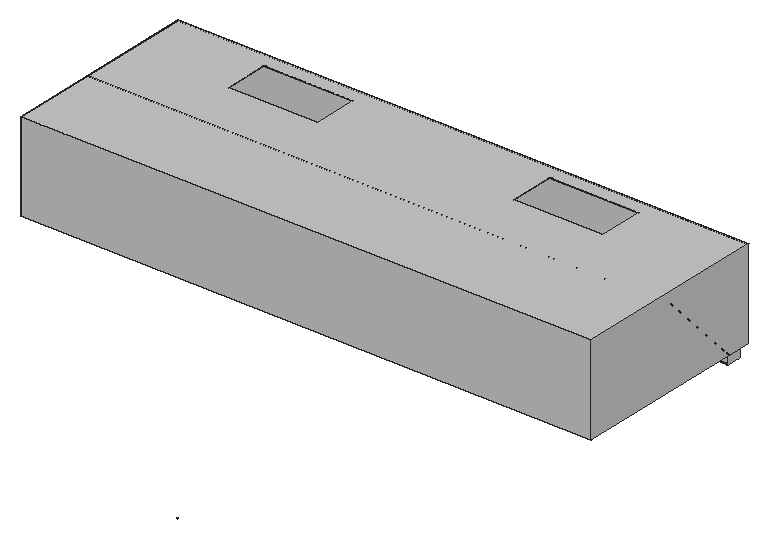
Revit family "QF_ELECTROLUXPROFESSIONAL_642020_EP1132T", category Attrezzature speciali, Revit 2021
Family settings
  Quota connettore circolare = Usa diametro
  Tipo di parte = Normale
  Basato su piano di lavoro = No
  Sempre verticale = Sì
  Taglio con vuoti quando caricato = No
  Condiviso = No
  Punto di calcolo locali = No
Parameters (values of type "Standard")
  Weight = 77.00 kg
  Watts = 0 W
  Volts = 0 V
  URL Manufacturer = "https://www.electroluxprofessional.com/"
  URL = "https://www.electroluxprofessional.com/"
  Steam Supply Size = 0 mm
  Steam Supply Minimum Pressure = 0.0 Pa
  Steam Supply Maximum Pressure = 0.0 Pa
  Steam Consumption per Hour = 0
  Refrigeration Suction Line Size = 0 mm
  Refrigeration Liquid Line Size = 0 mm
  Refrigerant Compressor Remote = yes
  Prospetto di default = 0 mm
  Produttore = "Electrolux Professional"
  Phase = 0
  Modello = "EP1132T"
  Length Actual = 3200 mm  # constant formula
  Item Number = "642020"
  Hot Water Size = 0 mm
  Height Actual = 500 mm  # constant formula
  HP = "0 HP"
  Gas Size = 0 mm
  Gas KW = 0
  Gas Input Pressure = 0 W
  Direct Waste Size = 0 mm
  Descrizione = "304 S/S WALL HOOD+FILTERS 3200X1100MM"
  Depth Actual = 1100 mm  # constant formula
  Cycle = 0 Hz
  Condensate Return Size = 0 mm
  Compressed Air Volume = 0.0 L/s
  Compressed Air Size = 0 mm
  Compressed Air Pressure = 0.0 Pa
  Cold Water Size = 0 mm
  Accessory = yes
Reference planes
  plane 1 "Center (Front/Back)": y = 0
  plane 2: z = 0
  plane 3 "Center (Left/Right)": x = 150
  plane 4 "LEFT": x = -1450
  plane 5 "RIGHT": x = 1750
  plane 6 "BACK": y = 550
  plane 7 "FRONT": y = -550
  plane 8 "TOP": z = 2500
  plane 9 "Base": z = 2000
  plane 10: z = 1926
  plane 11 "DrainY": y = 485
  plane 12: x = -1447
  plane 13: through (0, 414.509, 2000.8) normal (0, 0.7314, 0.682)
  plane 14: y = 470
  plane 15: y = 220
  plane 16 "DrainX": x = 1630
  plane 17: x = -400
  plane 18: x = 700
  plane 19: x = -900
  plane 20: x = 1200
  plane 21: x = 1747
  plane 22: x = 1540
  plane 23: x = 1720
  plane 24: x = -1410
  plane 25: x = -1045
  plane 26: x = -650
  plane 27: x = 1710
  plane 28: x = 1345
  plane 29: x = 950
Forms (mm)
  Extrusion 1, solid, material "QF_Finishes_Stainless Steel"
    sketch origin (-1450, 0, 360) x (0, 1, 0) y (0, 0, 1)
      loop
        line (550, 1640) -> (550, 2140) -> (-550, 2140) -> (-550, 1640) -> (550, 1640)
    from 0 to 3
  Extrusion 2, solid, material "QF_Finishes_Stainless Steel"
    sketch origin (150, 0, 360) x (0, 1, 0) y (0, 0, 1)
      loop
        line (415.255, 1640) -> (550, 1640) -> (550, 2139.19) -> (549.2, 2139.19) -> (549.2, 1640.8) -> (415.876, 1640.8) -> (339.347, 1722.867) -> (349.609, 1732.436) -> (348.927, 1733.167) -> (337.934, 1722.917) -> (415.255, 1640)
      loop
        line (-82.203, 2139.19) -> (-82.203, 2118.6) -> (-31.047, 2118.6) -> (34.354, 2048.466) -> (46.028, 2059.352) -> (45.346, 2060.083) -> (34.403, 2049.879) -> (-30.612, 2119.6) -> (-81.203, 2119.6) -> (-81.203, 2139.19) -> (-82.203, 2139.19)
    from -1597 to 1597
  Extrusion 3, solid, material "QF_Finishes_Stainless Steel"
    sketch origin (1750, 0, 360) x (0, 1, 0) y (0, 0, 1)
      loop
        line (550, 1640) -> (550, 2140) -> (-550, 2140) -> (-550, 1640) -> (550, 1640)
    from 0 to -3
  Extrusion 4, solid, material "QF_Finishes_Stainless Steel"
    sketch origin (150, 0, 360) x (0, 1, 0) y (0, 0, 1)
      loop
        line (-550, 2140) -> (-550, 1640) -> (-549.2, 1640) -> (-549.2, 2139.19) -> (550, 2139.19) -> (550, 2140) -> (-550, 2140)
    from -1600 to 1600
  Extrusion 5, solid, material "QF_Finishes_Stainless Steel"
    sketch origin (150, 0, 360) x (0, 1, 0) y (0, 0, 1)
      loop
        line (534, 1640) -> (436, 1640) -> (436, 1627) -> (443.5, 1627) -> (443.5, 1576)
        arc (443.5, 1576) -> (446.429, 1568.929) -> (453.5, 1566) r 10
        line (453.5, 1566) -> (516.5, 1566)
        arc (516.5, 1566) -> (523.571, 1568.929) -> (526.5, 1576) r 10
        line (526.5, 1576) -> (526.5, 1627) -> (534, 1627) -> (534, 1640)
    from 1390 to 1570
  Extrusion 6, solid, material "QF_Finishes_Stainless Steel"
    sketch origin (0, 0, 2000) x (0, 1, 0) y (-1, 0, 0)
      loop
        circle (485, -1630) r 20
    from -76 to -74
  Extrusion 7, solid, material "QF_Finished_Chrome"
    sketch origin (150, 0, 360) x (0, 1, 0) y (0, 0, 1)
      loop
        line (337.934, 1722.917) -> (341.591, 1726.327) -> (38.011, 2051.876) -> (34.354, 2048.466) -> (337.934, 1722.917)
    from -1195 to -1560
  Extrusion 8, solid, material "QF_Finished_Chrome"
    sketch origin (150, 0, 360) x (0, 1, 0) y (0, 0, 1)
      loop
        line (337.934, 1722.917) -> (341.591, 1726.327) -> (38.011, 2051.876) -> (34.354, 2048.466) -> (337.934, 1722.917)
    from 800 to -800
  Extrusion 9, solid, material "QF_Finishes_Stainless Steel"
    sketch origin (150, 0, 360) x (0, 1, 0) y (0, 0, 1)
      loop
        line (337.934, 1722.917) -> (341.591, 1726.327) -> (38.011, 2051.876) -> (34.354, 2048.466) -> (337.934, 1722.917)
    from 1597 to 1560
  Extrusion 10, solid, material "QF_Finishes_Stainless Steel"
    sketch origin (150, 0, 360) x (0, 1, 0) y (0, 0, 1)
      loop
        line (341.588, 1726.324) -> (38.009, 2051.874) -> (34.354, 2048.466) -> (337.934, 1722.917) -> (341.588, 1726.324)
    from -1195 to -800
  Extrusion 11, solid, material "QF_Finished_Chrome"
    sketch origin (150, 0, 360) x (0, 1, 0) y (0, 0, 1)
      loop
        line (341.588, 1726.324) -> (38.009, 2051.874) -> (34.354, 2048.466) -> (337.934, 1722.917) -> (341.588, 1726.324)
    from 1195 to 1560
  Extrusion 12, void
    sketch origin (0, 0, 2500) x (0, 1, 0) y (-1, 0, 0)
      loop
        line (470, 900) -> (220, 900) -> (220, 400) -> (470, 400) -> (470, 900)
    from 0 to -10
  Extrusion 13, void
    sketch origin (940, 0, 2500) x (0, 1, 0) y (-1, 0, 0)
      loop
        line (470, 240) -> (220, 240) -> (220, -260) -> (470, -260) -> (470, 240)
    from 0 to -10
  Extrusion 14, solid, material "QF_Finishes_Stainless Steel"
    sketch origin (0, 0, 0) x (1, 0, 0) y (0, 1, 0)
      loop
        line (-1450, 550) -> (-1450, 549) -> (-1449, 549) -> (-1449, 550) -> (-1450, 550)
    from 0 to 1
  Extrusion 15, solid, material "QF_Finishes_Stainless Steel"
    sketch origin (150, 0, 360) x (0, 1, 0) y (0, 0, 1)
      loop
        line (337.934, 1722.917) -> (341.591, 1726.327) -> (38.011, 2051.876) -> (34.354, 2048.466) -> (337.934, 1722.917)
    from -1560 to -1597
  Extrusion 16, solid, material "QF_Finishes_Stainless Steel"
    sketch origin (150, 0, 360) x (0, 1, 0) y (0, 0, -1)
      loop
        line (341.588, -1726.324) -> (337.934, -1722.917) -> (34.354, -2048.466) -> (38.009, -2051.874) -> (341.588, -1726.324)
    from -1195 to -800
Cuts and joins
  Extrusion 12, Extrusion 13 cuts Extrusion 4
  joined: Extrusion 2, Extrusion 4
Lines and regions (mm)
  reference lines
    curve 1: line (150, 34.354, 2408.466) -> (150, 34.354, 2248.466)
  symbolic lines, style "SpecialityEquipment", detail levels coarse
    curve 2: line (1750, 550, 2500) -> (-1450, 550, 2500)
    curve 3: line (-1450, 550, 2500) -> (-1450, -550, 2500)
    curve 4: line (1750, -550, 2500) -> (1750, 550, 2500)
    curve 5: line (-1450, -550, 2500) -> (1750, -550, 2500)
    curve 6: line (-900, 220, 2500) -> (-400, 220, 2500)
    curve 7: line (-900, 470, 2500) -> (-900, 220, 2500)
    curve 8: line (-400, 470, 2500) -> (-900, 470, 2500)
    curve 9: line (-400, 220, 2500) -> (-400, 470, 2500)
    curve 10: line (700, 470, 2500) -> (700, 220, 2500)
    curve 11: line (700, 220, 2500) -> (1200, 220, 2500)
    curve 12: line (1200, 470, 2500) -> (700, 470, 2500)
    curve 13: line (1200, 220, 2500) -> (1200, 470, 2500)
    curve 14: line (-1450, -550, 0) -> (1750, 550, 0)
    curve 15: line (-1450, 550, 0) -> (1750, -550, 0)
Dimensions and locks
  plane 4 "LEFT" to plane 5 "RIGHT" = 3200 mm
  equal spacing: plane 4 "LEFT", plane 3 "Center (Left/Right)", plane 5 "RIGHT"
  plane 9 "Base" to plane 10 = 74 mm
  plane 6 "BACK" to plane 11 "DrainY" = 65 mm  (x2)
  plane 4 "LEFT" to plane 12 = 3 mm
  plane 6 "BACK" to plane 14 = 80 mm
  plane 14 to plane 15 = 250 mm  (x2)
  plane 16 "DrainX" to plane 5 "RIGHT" = 120 mm
  locked: plane 17 to plane 18 at 1100
  equal spacing: plane 17, plane 3 "Center (Left/Right)", plane 18
  plane 19 to plane 17 = 500 mm
  plane 18 to plane 20 = 500 mm
  plane 21 to plane 5 "RIGHT" = 3 mm
  locked: plane 22 to plane 16 "DrainX" at 90
  locked: plane 16 "DrainX" to plane 23 at 90
  plane 6 "BACK" to plane 7 "FRONT" = 1100 mm  (x2)
  equal spacing: plane 6 "BACK", plane 1 "Center (Front/Back)", plane 7 "FRONT"
  plane 15 to plane 7 "FRONT" = 770 mm
  plane 14 to plane 6 "BACK" = 80 mm
  locked: plane 4 "LEFT" to plane 24 at 40
  locked: plane 24 to plane 25 at 365
  locked: plane 25 to plane 26 at 395
  locked: plane 27 to plane 28 at 365
  locked: plane 28 to plane 29 at 395
  locked: plane 27 to plane 5 "RIGHT" at 40
  plane 26 to plane 29 = 1600 mm
  locked: plane 9 "Base" to level at 2000
  locked: plane 8 "TOP" to plane 9 "Base" at 500
  aligned and locked: level to plane 2
  aligned and locked: Extrusion 2 to Extrusion 1
  aligned and locked: Extrusion 2 to Extrusion 3
  aligned and locked: plane 5 "RIGHT" to Extrusion 4
  aligned and locked: Extrusion 4 to plane 4 "LEFT"
  aligned and locked: plane 21 to Extrusion 9
  aligned and locked: plane 19 to Extrusion 12
  aligned and locked: Extrusion 12 to plane 17
  aligned and locked: Extrusion 12 to plane 15
  aligned and locked: Extrusion 12 to plane 14
  aligned and locked: Extrusion 13 to plane 20
  aligned and locked: plane 18 to Extrusion 13
  aligned and locked: Extrusion 2 to Extrusion 4
  aligned and locked: plane 23 to Extrusion 5
  aligned and locked: Extrusion 5 to plane 22
  aligned and locked: Extrusion 9 to plane 27
  aligned and locked: Extrusion 11 to plane 27
  aligned and locked: Extrusion 11 to plane 28
  aligned and locked: Extrusion 8 to plane 29
  aligned and locked: Extrusion 8 to plane 26
  aligned and locked: plane 26 to Extrusion 10
  aligned and locked: Extrusion 10 to plane 25
  aligned and locked: plane 25 to Extrusion 7
  aligned and locked: Extrusion 7 to plane 24
  aligned and locked: Extrusion 15 to plane 12
  aligned and locked: plane 24 to Extrusion 15
  aligned and locked: Extrusion 16 to plane 29
  aligned and locked: Extrusion 16 to plane 28
  aligned and locked: Extrusion 3 to plane 21
Automatic sketch dimensions
  curve 5 to plane 4 "LEFT" = 0 mm
  curve 5 to plane 7 "FRONT" = 0 mm
  curve 9 to plane 15 = 0 mm
  curve 10 to plane 15 = 0 mm
  plane 14 to curve 8 = 0 mm
  plane 14 to curve 12 = 0 mm
  curve 3 to plane 6 "BACK" = 0 mm
  curve 5 to plane 5 "RIGHT" = 0 mm
  curve 11 to plane 20 = 0 mm
  curve 10 to plane 18 = 0 mm
  curve 6 to plane 17 = 0 mm
  curve 6 to plane 19 = 0 mm
  Extrusion 1 sketch curve to plane 9 "Base" = 0 mm
  Extrusion 1 sketch curve to plane 6 "BACK" = 0 mm
  Extrusion 1 sketch curve to plane 8 "TOP" = 0 mm
  Extrusion 2 sketch curve to plane 13 = 0 mm  (x3)
  Extrusion 2 sketch curve to plane 9 "Base" = 0 mm
  plane 13 to Extrusion 2 sketch curve = 0 mm
  Extrusion 2 sketch curve to plane 6 "BACK" = 0 mm
  Extrusion 2 sketch curve to Extrusion 2 sketch curve = 65.646 mm
  Extrusion 2 sketch curve to Extrusion 2 sketch curve = 0.682 mm  (x2)
  Extrusion 2 sketch curve to Extrusion 2 sketch curve = 10.261 mm
  plane 9 "Base" to Extrusion 2 sketch curve = 82.917 mm
  Extrusion 2 sketch curve to plane 1 "Center (Front/Back)" = 46.028 mm
  Extrusion 2 sketch curve to Extrusion 2 sketch curve = 10.942 mm
  Extrusion 2 sketch curve to Extrusion 2 sketch curve = 0.049 mm
  Extrusion 2 sketch curve to plane 8 "TOP" = 20.4 mm
  Extrusion 2 sketch curve to plane 8 "TOP" = 21.4 mm
  Extrusion 2 sketch curve to plane 8 "TOP" = 0.81 mm  (x2)
  Extrusion 2 sketch curve to Extrusion 2 sketch curve = 50.156 mm
  Extrusion 2 sketch curve to Extrusion 2 sketch curve = 1 mm
  plane 9 "Base" to Extrusion 2 sketch curve = 0.8 mm
  Extrusion 2 sketch curve to plane 6 "BACK" = 0.8 mm
  Extrusion 3 sketch curve to plane 9 "Base" = 0 mm
  Extrusion 3 sketch curve to plane 6 "BACK" = 0 mm
  Extrusion 3 sketch curve to plane 8 "TOP" = 0 mm
  Extrusion 4 sketch curve to plane 7 "FRONT" = 0 mm
  Extrusion 4 sketch curve to plane 6 "BACK" = 0 mm
  Extrusion 4 sketch curve to plane 8 "TOP" = 0 mm
  plane 7 "FRONT" to Extrusion 4 sketch curve = 0.8 mm
  Extrusion 4 sketch curve to plane 8 "TOP" = 0.81 mm
  curve 1 to plane 13 = 0 mm
  curve 1 to plane 1 "Center (Front/Back)" = 34.354 mm
  Extrusion 5 sketch curve to plane 9 "Base" = 0 mm
  Extrusion 5 sketch curve to plane 10 = 0 mm
  Extrusion 5 sketch curve to plane 9 "Base" = 13 mm  (x2)
  plane 14 to Extrusion 5 sketch curve = 34 mm
  Extrusion 5 sketch curve to Extrusion 5 sketch curve = 7.5 mm  (x2)
  Extrusion 5 sketch curve to Extrusion 5 sketch curve = 10 mm
  plane 11 "DrainY" to Extrusion 5 sketch curve = 31.5 mm
  Extrusion 5 sketch curve to plane 6 "BACK" = 23.5 mm
  Extrusion 6 sketch curve to plane 11 "DrainY" = 0 mm
  Extrusion 6 sketch curve to plane 16 "DrainX" = 0 mm
  Extrusion 7 sketch curve to plane 13 = 0 mm  (x2)
  Extrusion 7 sketch curve to plane 1 "Center (Front/Back)" = 34.354 mm
  Extrusion 7 sketch curve to Extrusion 7 sketch curve = 3.657 mm
  plane 9 "Base" to Extrusion 7 sketch curve = 82.917 mm
  Extrusion 8 sketch curve to plane 13 = 0 mm  (x2)
  Extrusion 8 sketch curve to plane 1 "Center (Front/Back)" = 34.354 mm
  Extrusion 8 sketch curve to Extrusion 8 sketch curve = 3.657 mm
  plane 9 "Base" to Extrusion 8 sketch curve = 82.917 mm
  Extrusion 9 sketch curve to plane 13 = 0 mm  (x2)
  Extrusion 9 sketch curve to plane 1 "Center (Front/Back)" = 34.354 mm
  Extrusion 9 sketch curve to Extrusion 9 sketch curve = 3.657 mm
  plane 9 "Base" to Extrusion 9 sketch curve = 82.917 mm
  Extrusion 10 sketch curve to plane 13 = 0 mm  (x2)
  Extrusion 10 sketch curve to plane 1 "Center (Front/Back)" = 34.354 mm
  Extrusion 10 sketch curve to Extrusion 10 sketch curve = 3.655 mm
  plane 9 "Base" to Extrusion 10 sketch curve = 82.917 mm
  Extrusion 11 sketch curve to plane 13 = 0 mm  (x2)
  Extrusion 11 sketch curve to plane 1 "Center (Front/Back)" = 34.354 mm
  Extrusion 11 sketch curve to Extrusion 11 sketch curve = 3.655 mm
  plane 9 "Base" to Extrusion 11 sketch curve = 82.917 mm
  Extrusion 12 sketch curve to plane 15 = 0 mm
  plane 14 to Extrusion 12 sketch curve = 0 mm
  Extrusion 12 sketch curve to plane 17 = 0 mm
  Extrusion 12 sketch curve to plane 19 = 0 mm
  Extrusion 13 sketch curve to plane 15 = 0 mm
  plane 14 to Extrusion 13 sketch curve = 0 mm
  Extrusion 13 sketch curve to plane 20 = 0 mm
  Extrusion 13 sketch curve to plane 18 = 0 mm
  Extrusion 14 sketch curve to plane 4 "LEFT" = 0 mm
  Extrusion 14 sketch curve to plane 6 "BACK" = 0 mm
  plane 4 "LEFT" to Extrusion 14 sketch curve = 1 mm
  Extrusion 14 sketch curve to plane 6 "BACK" = 1 mm
  Extrusion 15 sketch curve to plane 13 = 0 mm  (x2)
  Extrusion 15 sketch curve to plane 1 "Center (Front/Back)" = 34.354 mm
  Extrusion 15 sketch curve to Extrusion 15 sketch curve = 3.657 mm
  plane 9 "Base" to Extrusion 15 sketch curve = 82.917 mm
  Extrusion 16 sketch curve to plane 13 = 0 mm  (x2)
  Extrusion 16 sketch curve to plane 1 "Center (Front/Back)" = 34.354 mm
  Extrusion 16 sketch curve to Extrusion 16 sketch curve = 3.655 mm
  plane 9 "Base" to Extrusion 16 sketch curve = 82.917 mm
  Extrusion 4 sketch curve to Extrusion 4 sketch curve = 499.19 mm
  curve 1 to curve 1 = 160 mm
  Extrusion 1 sketch curve to plane 7 "FRONT" = 0 mm
  Extrusion 3 sketch curve to plane 7 "FRONT" = 0 mm
  curve 15 to plane 4 "LEFT" = 0 mm
  curve 14 to plane 4 "LEFT" = 0 mm
  curve 15 to plane 5 "RIGHT" = 0 mm
  curve 14 to plane 5 "RIGHT" = 0 mm
  curve 15 to plane 7 "FRONT" = 0 mm
  curve 14 to plane 7 "FRONT" = 0 mm
  curve 15 to plane 6 "BACK" = 0 mm
  curve 14 to plane 6 "BACK" = 0 mm
  radius of Extrusion 6 sketch curve = 20 mm
Connectors
  piping at (1630, 485, 1924), diameter 20
    settings: on Extrusion 6, index 1, connector inside diameter 609.6 mm, connector length 0 mm, flow factor 0, pipe flow 0.0 L/s, pressure drop 0.0 Pa, fitting loss kfactor 0, connector angle 0.00°, fixture units 0, engagement length 0 mm, angle of deflection 0.00°, flow configuration 1, flow direction 2, fitting loss method 0, system type 16, joint type 0, gender type 0, connector reference index -1, connector utility 0, adjustable connector no, is connector primary yes, connector description "Drain"
  hvac at (-650, 345, 2500)
    settings: on Extrusion 12, index 2, duct flow 0.0 L/s, flow factor 0, pres drop 0.0 Pa, loss coef 0, conn angle 0.00°, conn width 250 mm, conn height 500 mm, conn diameter 609.6 mm, duct sys type 3, conn prof type 1, flow config 1, flow direction 0, loss method 0, conn ref index -1, conn util no, is conn primary yes, conn desc "EXHAUST OUTLET"
  hvac at (950, 345, 2500)
    settings: on Extrusion 13, index 3, duct flow 0.0 L/s, flow factor 0, pres drop 0.0 Pa, loss coef 0, conn angle 0.00°, conn width 250 mm, conn height 500 mm, conn diameter 609.6 mm, duct sys type 3, conn prof type 1, flow config 1, flow direction 0, loss method 0, conn ref index -1, conn util no, is conn primary no, conn desc "EXHAUST OUTLET"
